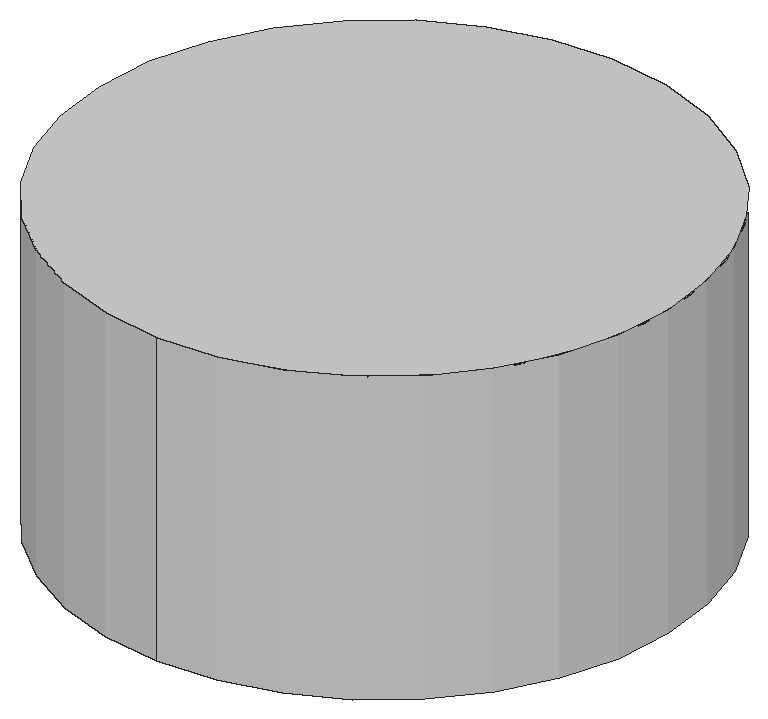
Revit family "Lum_Teto_Spot_Embutido", category Lighting Fixtures, host Ceiling, Revit 2025
Family settings
  Host = Ceiling
  Round Connector Dimension = Use Diameter
  Part Type = Normal
  OmniClass Number = 23.80.70.11
  OmniClass Title = Luminaries for Internal Lighting
  Always vertical = Yes
  Cut with Voids When Loaded = Yes
  Light Source = Yes
  Maintain Annotation Orientation = No
  Shared = No
  Room Calculation Point = No
Parameters (values of type "Luminária_Spot_Embutido")
  Wattage = 9.2903 W
  built-in parameter 1150110 = 1 (stored number, unit not read)
  built-in parameter 1114217 = 1 (stored number, unit not read)
  built-in parameter 1150109 = 1 (stored number, unit not read)
  Lumi_Material = Material_Corpo_Luminaria
  Lumi_Raio_Interno = Lumi_Raio * 0.95  # 51.3 mm
  Lumi_Raio = 54 mm
  Lumi_Altura_Resalto = 12 mm
  Lumi_Altura_Embutida = 45 mm
  Default Elevation = 0 mm
  built-in parameter 1150134 = (empty or 0)
  built-in parameter 1150113 = 1 (stored number, unit not read)
  Lumens = 1380 lm
  built-in parameter 1150115 = 1 (stored number, unit not read)
  built-in parameter 1150105 = 439.27 (stored number, unit not read)
  Light Source Symbol Size = Lumi_Raio_Interno * 2  # 102.6 mm
  built-in parameter 1150137 = (empty or 0)
  built-in parameter 1150139 = (empty or 0)
  built-in parameter 1150112 = 1 (stored number, unit not read)
  built-in parameter 1150114 = 1 (stored number, unit not read)
  built-in parameter 1150132 = 2
  built-in parameter 1150102 = (empty or 0)
  built-in parameter 1150138 = (empty or 0)
  built-in parameter 1150107 = 3000 (stored number, unit not read)
  built-in parameter 1150106 = 4.3927 (stored number, unit not read)
  built-in parameter 1150104 = 13.8 (stored number, unit not read)
  Dimming Lamp Color Temperature Shift = <None>
  Color Filter = 16777215
  built-in parameter 1114218 = 1 (stored number, unit not read)
  built-in parameter 1150133 = 10 (stored number, unit not read)
Reference planes
  plane 1 "Eixo de origem da luz (F/T)": y = 0
  plane 2: z = 0
  plane 3 "Eixo de origem da luz (E/D)": x = 0
  plane 4 "Forro": z = 4000
  plane 5 "Elevação da origem da luz": z = 3988
  plane 6: z = 4045
Forms (mm)
  Extrusion 1, solid, material "Material_Corpo_Luminaria" <- "Lumi_Material"
    sketch origin (0, 0, 4000) x (0, 1, 0) y (-1, 0, 0)
      loop
        circle (0, 0) r 54
    from 45 to -10
Lines and regions (mm)
  Opening 1
    outline origin (0, 0, 4000) x (1, 0, 0) y (0, 1, 0)
      loop
        circle (0, 0) r 54
Dimensions and locks
  equal spacing: host sketch curve, plane 3 "Eixo de origem da luz (E/D)", host sketch curve
  equal spacing: host sketch curve, plane 1 "Eixo de origem da luz (F/T)", host sketch curve
  host sketch curve to host sketch curve = 4000 mm  (x2)
  plane 4 "Forro" to host ceiling = 0 mm
  "Lumi_Altura_Resalto": plane 5 "Elevação da origem da luz" to plane 4 "Forro"
  "Lumi_Altura_Embutida": plane 6 to plane 4 "Forro"
  "Lumi_Raio": radius of Extrusion 1 sketch curve
  aligned and locked: plane 3 "Eixo de origem da luz (E/D)" to imposter light
  aligned and locked: plane 1 "Eixo de origem da luz (F/T)" to imposter light
  aligned and locked: plane 5 "Elevação da origem da luz" to imposter light
  aligned and locked: plane 6 to Extrusion 1
  aligned and locked: Opening 1 sketch curve to Extrusion 1
Automatic sketch dimensions
  plane 1 "Eixo de origem da luz (F/T)" to Extrusion 1 sketch curve = 0 mm
  Extrusion 1 sketch curve to plane 3 "Eixo de origem da luz (E/D)" = 0 mm
